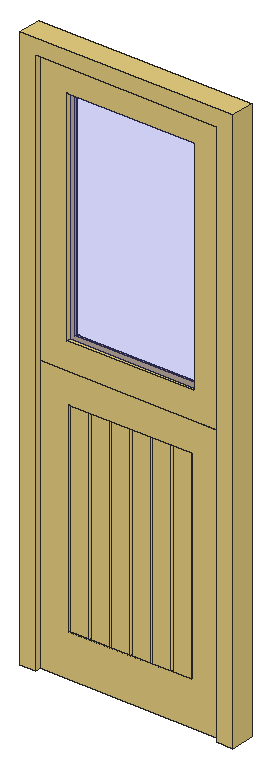
Revit family "DTI_A3-2032X762-Square-L1VS-Stable", category Doors, host Wall, Revit 2016
Family settings
  Host = Wall
  Always vertical = Yes
  Cut with Voids When Loaded = No
  Shared = No
  Room Calculation Point = No
Parameters (values of type "2032 x 762 Square - L1VS Stable")
  URL = "http://www.kparkerjoinery.co.za/"
  Panel Width = Width - (Frame Width * 2)  # 652 mm
  Panel Height = Height - Frame Width  # 1977 mm
  Model = "Standard"
  Manufacturer Code = "Square - L1VS Stable"
  Manufacturer = "K. Parker Joinery"
  Height = 2032 mm
  Wall Closure = By host
  Width = 762 mm
  Glass Material = Glass
  Function = Interior
  Frame Width = 55 mm
  Frame Thickness = 85 mm
  Frame Material = Kiln Dried Wood
  Assembly Code = "B2030130"
Reference planes
  plane 1 "Center": y = 0
  plane 2 "Center (Left/Right)": x = 0
  plane 3 "Left": x = -381
  plane 4 "Right": x = 381
  plane 5: z = 2032
  plane 6 "Exterior": y = 75
  plane 7 "Interior": y = -75
Forms (mm)
  Sweep 1, solid, material "Kiln Dried Wood" <- "Frame Material"
    path origin (0, 0, 0) x (1, 0, 0) y (0, 0, 1)
      loop
        line (381, 0) -> (381, 2032) -> (-381, 2032) -> (-381, 0)
    profile origin (0, 0, 2032) x (0, 0, -1) y (0, -1, 0)
      loop
        line (0, -42.5) -> (55, -42.5) -> (55, 42.5) -> (0, 42.5) -> (0, -42.5)
Lines and regions (mm)
  Opening 1
    outline origin (-3050, -75, 0) x (1, 0, 0) y (0, 0, 1)
      loop
        line (2669, 0) -> (3431, 0) -> (3431, 2032) -> (2669, 2032) -> (2669, 0)
  symbolic lines, style "Elevation Swing"
    curve 1: line (326, 0, 1977) -> (-326, 0, 1482.75)
    curve 2: line (-326, 0, 1482.75) -> (326, 0, 988.5)
    curve 3: line (326, 0, 988.5) -> (-326, 0, 494.25)
    curve 4: line (-326, 0, 494.25) -> (326, 0, 0)
  symbolic lines, style "Plan Swing"
    curve 5: line (326, 22, 0) -> (282, 22, 0)
    curve 6: line (326, 674, 0) -> (326, 22, 0)
    curve 7: line (282, 674, 0) -> (326, 674, 0)
    curve 8: line (282, 22, 0) -> (282, 674, 0)
    curve 9: arc (326, 674, 0) -> (-135.034, 483.034, 0) -> (-326, 22, 0) r 652
Text (mm)
  text "Exterior" at (-2295.016, 1099.543, 0), in view "Ref. Level"
  text "Exterior" at (0, 1615.38, 3698.081), in view "Left"
  text "Exterior" at (0, 1036.032, 3874.932), in view "Right"
Dimensions and locks
  equal spacing: plane 3 "Left", plane 2 "Center (Left/Right)", plane 4 "Right"
  "Width": plane 3 "Left" to plane 4 "Right"
  "Height": plane 5 to host wall
  locked: plane 6 "Exterior" to host wall at 0
  locked: plane 7 "Interior" to host wall
  equal spacing: Sweep 1 sketch curve, profile plane, Sweep 1 sketch curve
  "Frame Thickness": Sweep 1 sketch curve to Sweep 1 sketch curve
  "Frame Width": Sweep 1 sketch curve to Sweep 1 sketch curve
  "Panel Width": curve 5 to curve 7
  aligned and locked: plane 3 "Left" to Opening 1 sketch curve
  aligned and locked: plane 5 to Opening 1 sketch curve  (x2)
  aligned and locked: Opening 1 sketch curve to plane 4 "Right"
  aligned and locked: Opening 1 sketch curve to level
  aligned and locked: plane 1 "Center" to host wall
  aligned and locked: level to Sweep 1 sketch curve  (x2)
  aligned and locked: plane 5 to Sweep 1 sketch curve
  aligned and locked: Sweep 1 sketch curve to plane 4 "Right"
  aligned and locked: Sweep 1 sketch curve to plane 3 "Left"
  aligned and locked: Sweep 1 sketch curve to profile plane
  aligned and locked: plane 2 "Center (Left/Right)" to nested 1
  aligned and locked: plane 1 "Center" to nested 1
Automatic sketch dimensions
  curve 4 to level = 0 mm
  curve 1 to plane 3 "Left" = 55 mm
  curve 3 to plane 3 "Left" = 55 mm
  plane 4 "Right" to curve 3 = 55 mm
  plane 4 "Right" to curve 4 = 55 mm
  plane 4 "Right" to curve 1 = 55 mm
  level to curve 3 = 494.25 mm
  curve 3 to curve 3 = 494.25 mm
  plane 5 to curve 2 = 549.25 mm
  plane 5 to curve 1 = 55 mm
  curve 9 to plane 3 "Left" = 55 mm
  curve 7 to curve 7 = 44 mm
  curve 5 to host wall = 22 mm
  curve 9 to curve 5 = 0 mm
Nested families
  nested 1: "L1VS - Stable" at (0, 0, 0) x (-1, 0, 0) z (0, 0, 1), type "L1VS - Stable", detail levels medium+fine
    with Width 652 mm, Slat W 73.667 mm, Slat Height 728.5 mm, Offset 36.833 mm, Height 1977 mm
Definition of nested family "L1VS - Stable"
  Parameters
    Width = 813 mm
    Thickness = 40 mm
    Slat W = (Width - (105 mm * 2)) / Array  # 100.5 mm
    Slat Height = (Height / 2) - (105 mm + 155 mm)  # 756 mm
    Offset = Slat W / 2  # 50.25 mm
    Height = 2032 mm
    Glass Material = none
    Frame Material = none
    Array = 6
  Reference planes
    plane 1 "Center (Front/Back)": y = 0
    plane 2: z = 0
    plane 3 "Center (Left/Right)": x = 0
    plane 4: x = -406.5
    plane 5: x = 406.5
    plane 6: z = 2032
    plane 7: z = 1972
    plane 8: z = 155
    plane 9: z = 1016
    plane 10: z = 911
    plane 11: z = 1076
    plane 12: x = -346.5
    plane 13: x = 346.5
    plane 14: x = -301.5
    plane 15: x = 301.5
    plane 16: x = -251.25
    plane 17: x = 251.25
    plane 18: z = 533
  Forms (mm)
    Sweep 1, solid, material <- "Frame Material"
      path origin (0, 0, 0) x (1, 0, 0) y (0, 0, 1)
        loop
          line (-406.5, 2032) -> (-406.5, 1016) -> (406.5, 1016) -> (406.5, 2032) -> (-406.5, 2032)
      profile "Glass T : Glass T" origin (0, 0, 2032) x (0, 0, 1) y (0, -1, 0)
        loop
          line (0, -22) -> (0, 22) -> (-95, 22) -> (-95, 20)
          arc (-95, 20) -> (-100.657, 17.657) -> (-103, 12) r 8
          line (-103, 12) -> (-105, 12) -> (-105, 2) -> (-60, 2) -> (-60, -10) -> (-96, -10) -> (-96, -22) -> (0, -22)
    Sweep 2, solid
      path origin (0, 0, 0) x (1, 0, 0) y (0, 0, 1)
        loop
          line (-406.5, 155) -> (-406.5, 1016) -> (406.5, 1016) -> (406.5, 155)
      profile origin (-406.5, 0, 585.5) x (-1, 0, 0) y (0, -1, 0)
        loop
          line (0, -22) -> (0, 22) -> (-105, 22) -> (-105, -22) -> (0, -22)
    Sweep 3, solid
      path origin (0, 0, 0) x (1, 0, 0) y (0, 0, 1)
        loop
          line (-406.5, 0) -> (406.5, 0)
      profile origin (0, 0, 0) x (0, 0, 1) y (0, -1, 0)
        loop
          line (155, -22) -> (155, 22) -> (0, 22) -> (0, -22) -> (155, -22)
    Extrusion 4, solid, material <- "Glass Material"
      sketch origin (0, 0, 0) x (1, 0, 0) y (0, 1, 0)
        loop
          line (-346.5, 10) -> (-346.5, -2) -> (346.5, -2) -> (346.5, 10) -> (-346.5, 10)
      from 1076 to 1972
  Cuts and joins
    joined: Sweep 2, Sweep 3
  Dimensions and locks
    equal spacing: plane 4, plane 3 "Center (Left/Right)", plane 5
    "Width": plane 4 to plane 5
    "Height": plane 6 to level
    locked: plane 8 to level at 155
    locked: plane 6 to plane 7 at 60
    equal spacing: plane 6, plane 9, level
    locked: plane 9 to plane 10 at 105
    locked: plane 11 to plane 9 at 60
    locked: plane 4 to plane 12 at 60
    locked: plane 5 to plane 13 at 60
    locked: plane 4 to plane 14 at 105
    locked: plane 5 to plane 15 at 105
    "Offset": plane 14 to plane 16
    "Offset": plane 15 to plane 17
    equal spacing: plane 10, plane 18, plane 8
    equal spacing: group 1, group 3, group 4, group 5, group 6, group 2  (x3)
    aligned and locked: Sweep 1 sketch curve to plane 6
    aligned and locked: plane 4 to Sweep 1 sketch curve
    aligned and locked: plane 9 to Sweep 1 sketch curve
    aligned and locked: plane 5 to Sweep 1 sketch curve
    aligned and locked: Sweep 2 sketch curve to plane 9
    aligned and locked: plane 8 to Sweep 2 sketch curve  (x2)
    aligned and locked: plane 5 to Sweep 2 sketch curve
    aligned and locked: plane 4 to Sweep 2 sketch curve
    aligned and locked: profile plane to Sweep 2 sketch curve
    aligned and locked: Sweep 2 sketch curve to Sweep 1  (x3)
    aligned and locked: plane 4 to Sweep 3 sketch curve
    aligned and locked: plane 5 to Sweep 3 sketch curve
    aligned and locked: Sweep 3 sketch curve to level
    aligned and locked: level to Sweep 3 sketch curve
    aligned and locked: Sweep 3 sketch curve to Sweep 2  (x2)
    aligned and locked: Sweep 3 sketch curve to plane 8
    aligned and locked: Extrusion 4 sketch curve to plane 12
    aligned and locked: Extrusion 4 sketch curve to plane 13
    aligned and locked: Extrusion 4 sketch curve to Sweep 1  (x2)
    aligned and locked: plane 7 to Extrusion 4
    aligned and locked: Extrusion 4 to plane 11
    aligned and locked: plane 16 to nested 1
    aligned and locked: plane 1 "Center (Front/Back)" to nested 1
    aligned and locked: nested 2 to plane 17
    aligned and locked: plane 1 "Center (Front/Back)" to nested 2
    aligned and locked: plane 18 to nested 1
    aligned and locked: plane 18 to nested 2
  Nested families
    nested 1: "Slat" at (-251.25, 0, -492.736), type "Slat"
      with Width 100.5 mm, Height 756 mm
    nested 2: "Slat" at (251.25, 0, -492.736), type "Slat"
      with Width 100.5 mm, Height 756 mm
    nested 3: "Slat" at (-150.75, 0, -492.736), type "Slat"
      with Width 100.5 mm, Height 756 mm
    nested 4: "Slat" at (-50.25, 0, -492.736), type "Slat"
      with Width 100.5 mm, Height 756 mm
    nested 5: "Slat" at (50.25, 0, -492.736), type "Slat"
      with Width 100.5 mm, Height 756 mm
    nested 6: "Slat" at (150.75, 0, -492.736), type "Slat"
      with Width 100.5 mm, Height 756 mm
  Definition of nested family "Slat"
    Parameters
      Width = 80 mm
      Thickness = 40 mm
      Material = none
      Height = 500 mm
    Reference planes
      plane 1 "Center (Front/Back)": y = 0
      plane 2: z = 0
      plane 3 "Center (Left/Right)": x = 0
      plane 4: z = 1403.736
      plane 5: z = 903.736
      plane 6: z = 1153.736
      plane 7: y = 20
      plane 8: x = -40
      plane 9: x = 40
      plane 10: y = -20
    Forms (mm)
      Sweep 1, solid, material <- "Material"
        path origin (0, 0, 0) x (1, 0, 0) y (0, 0, 1)
          loop
            line (0, 903.736) -> (0, 1403.736)
        profile origin (0, 0, 1153.736) x (-1, 0, 0) y (0, -1, 0)
          loop
            arc (35, -20) -> (38.536, -18.536) -> (40, -15) r 5
            line (40, -15) -> (40, 15)
            arc (40, 15) -> (38.536, 18.536) -> (35, 20) r 5
            line (35, 20) -> (-35, 20)
            arc (-35, 20) -> (-38.536, 18.536) -> (-40, 15) r 5
            line (-40, 15) -> (-40, -15)
            arc (-40, -15) -> (-38.536, -18.536) -> (-35, -20) r 5
            line (-35, -20) -> (35, -20)
    Dimensions and locks
      equal spacing: plane 4, plane 6, plane 5
      "Height": plane 4 to plane 5
      equal spacing: plane 7, plane 1 "Center (Front/Back)", plane 10
      equal spacing: plane 8, plane 3 "Center (Left/Right)", plane 9
      "Width": plane 8 to plane 9
      "Thickness": plane 7 to plane 10
      aligned and locked: plane 4 to Sweep 1 sketch curve
      aligned and locked: plane 5 to Sweep 1 sketch curve
      aligned and locked: plane 3 "Center (Left/Right)" to Sweep 1 sketch curve
      aligned and locked: Sweep 1 sketch curve to plane 7
      aligned and locked: plane 9 to Sweep 1 sketch curve
      aligned and locked: plane 8 to Sweep 1 sketch curve
      aligned and locked: Sweep 1 sketch curve to plane 10
    Automatic sketch dimensions
      Sweep 1 sketch curve to Sweep 1 sketch curve = 5 mm  (x4)
